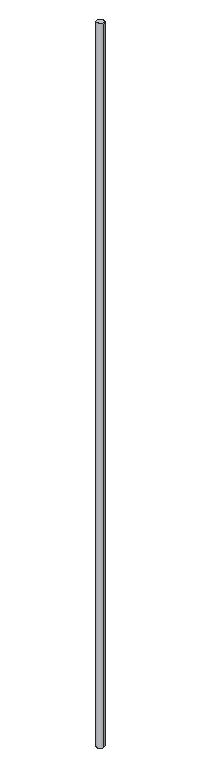
Revit family "StructuralColumns_CircleProfile", category Structural Columns, Revit 2018
Family settings
  Section Shape = Round
  Material for Model Behavior = Steel
  Always export as geometry = No
  Beam cutback in plan = From bounding box
  Cut with Voids When Loaded = No
  Symbolic Representation = From Project Settings
  Shared = No
  Show family pre-cut in plan views = Yes
Parameters (values of type "TubeProfile")
  Structural Material [instance] = none
  Diameter = 25 mm
  Centroid Vertical = 0 mm
  Centroid Horizontal = 0 mm
  Assembly Code = ""
Reference planes
  plane 1 "Center (Front/Back)": y = 0
  plane 2: z = 0
  plane 3 "Center (Left/Right)": x = 0
  plane 4: x = -12.5
  plane 5: x = 12.5
  plane 6: y = 12.5
  plane 7: y = -12.5
Forms (mm)
  Extrusion 1, solid, material <- "Structural Material", detail levels medium
    sketch origin (0, 0, 0) x (1, 0, 0) y (0, 1, 0)
      loop
        circle (0, 0) r 12.5
    from 0 to 2500
  Extrusion 2, solid, material <- "Structural Material", detail levels fine
    sketch origin (0, 0, 0) x (1, 0, 0) y (0, 1, 0)
      loop
        circle (0, 0) r 12.5
    from 0 to 2500
Lines and regions (mm)
  symbolic lines, style "Hidden Faces", detail levels medium+fine
    curve 1: line (-2.5, 0, 0) -> (-2.5, 0, 2500)
    curve 2: line (2.5, 0, 2500) -> (2.5, 0, 0)
  model lines, style "Hidden Faces", detail levels medium+fine
    curve 3: line (0, -2.5, 2500) -> (0, -2.5, 0)
    curve 4: line (0, 2.5, 2500) -> (0, 2.5, 0)
  symbolic lines
    curve 5: arc (-12.5, 0, 0) -> (0, -12.5, 0) -> (12.5, 0, 0) r 12.5
    curve 6: arc (12.5, 0, 0) -> (0, 12.5, 0) -> (-12.5, 0, 0) r 12.5
Dimensions and locks
  equal spacing: plane 4, plane 3 "Center (Left/Right)", plane 5
  equal spacing: plane 7, plane 1 "Center (Front/Back)", plane 6
  "Diameter": plane 7 to plane 6
  "Diameter": plane 4 to plane 5
  aligned and locked: level to Extrusion 1
  aligned and locked: level to plane 2
  aligned and locked: Extrusion 1 to plane 2
  aligned and locked: level to Extrusion 2
  aligned and locked: level to curve 2
  aligned and locked: level to curve 1  (x2)
  aligned and locked: plane 2 to curve 2
  aligned and locked: level to curve 3  (x2)
  aligned and locked: level to curve 4  (x2)
  aligned and locked: Extrusion 2 to level
Automatic sketch dimensions
  curve 1 to plane 4 = 10 mm
  plane 5 to curve 2 = 10 mm
  curve 3 to plane 7 = 10 mm
  plane 6 to curve 4 = 10 mm
  plane 1 "Center (Front/Back)" to curve 5 = 0 mm
  curve 6 to plane 4 = 0 mm
  curve 6 to plane 3 "Center (Left/Right)" = 0 mm
  plane 1 "Center (Front/Back)" to Extrusion 1 sketch curve = 0 mm
  Extrusion 1 sketch curve to plane 4 = 0 mm
  plane 1 "Center (Front/Back)" to Extrusion 2 sketch curve = 0 mm
  Extrusion 2 sketch curve to plane 4 = 0 mm
  Extrusion 2 sketch curve to Extrusion 2 sketch curve = 0 mm
  Extrusion 2 sketch curve to plane 3 "Center (Left/Right)" = 0 mm
  Extrusion 1 sketch curve to Extrusion 1 sketch curve = 0 mm
  Extrusion 1 sketch curve to plane 3 "Center (Left/Right)" = 0 mm
